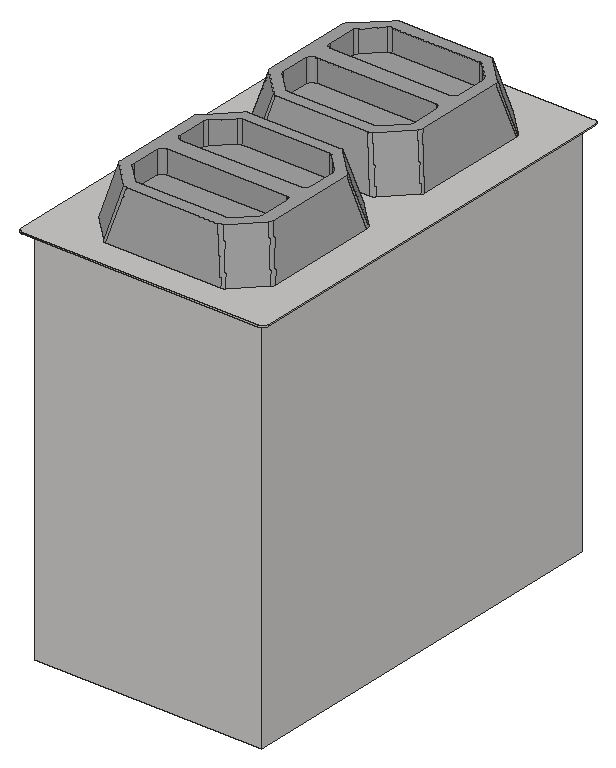
Revit family "QF_ELECTROLUXPROFESSIONAL_341158_D33H", category Attrezzature speciali, Revit 2020
Family settings
  Quota connettore circolare = Usa diametro
  Tipo di parte = Normale
  Basato su piano di lavoro = No
  Sempre verticale = Sì
  Taglio con vuoti quando caricato = No
  Condiviso = No
  Punto di calcolo locali = No
Parameters (values of type "Standard")
  Weight = 34.00 kg
  Watts = 1620 W
  Volts = 220 V
  URL Manufacturer = "https://www.electroluxprofessional.com/"
  URL = "https://www.electroluxprofessional.com/"
  Steam Supply Size = 0 mm
  Steam Supply Minimum Pressure = 0.0 Pa
  Steam Supply Maximum Pressure = 0.0 Pa
  Steam Consumption per Hour = 0
  Refrigeration Suction Line Size = 0 mm
  Refrigeration Liquid Line Size = 0 mm
  Refrigerant Compressor Remote = yes
  Prospetto di default = 0 mm
  Produttore = "Electrolux Professional"
  Phase = 1
  Modello = "D33H"
  Length Actual = 740 mm  # constant formula
  Item Number = "341158"
  Hot Water Size = 0 mm
  Height Actual = 700 mm  # constant formula
  HP = "2.2 HP"
  Gas Size = 0 mm
  Gas KW = 0
  Gas Input Pressure = 0 W
  Direct Waste Size = 0 mm
  Descrizione = "DROP-IN DOUBLE CYLINDERS PLATE DISPENSER HEATED, PLATE DIAMETER 180-300 MM"
  Depth Actual = 435 mm  # constant formula
  Cycle = 50 Hz
  Condensate Return Size = 0 mm
  Compressed Air Volume = 0.0 L/s
  Compressed Air Size = 0 mm
  Compressed Air Pressure = 0.0 Pa
  Cold Water Size = 0 mm
  Accessory = yes
Reference planes
  plane 1 "Back": y = 0
  plane 2: z = 0
  plane 3 "Left": x = 0
Forms (mm)
  Extrusion 1, solid, material "QF_Finishes_Stainless Steel"
    sketch origin (0, 0, 0) x (1, 0, 0) y (0, 1, 0)
      loop
        arc (10, 0) -> (2.929, -2.929) -> (0, -10) r 10
        line (0, -10) -> (0, -730)
        arc (0, -730) -> (2.929, -737.071) -> (10, -740) r 10
        line (10, -740) -> (425, -740)
        arc (425, -740) -> (432.071, -737.071) -> (435, -730) r 10
        line (435, -730) -> (435, -10)
        arc (435, -10) -> (432.071, -2.929) -> (425, 0) r 10
        line (425, 0) -> (10, 0)
    from 0 to 2
  Extrusion 2, solid, material "QF_Finishes_Stainless Steel"
    sketch origin (0, 0, -444.92) x (1, 0, 0) y (0, 1, 0)
      loop
        line (17.5, -17) -> (17.5, -723) -> (417.5, -723) -> (417.5, -17) -> (17.5, -17)
    from -232.08 to 444.92
  Blend 3, solid, material "QF_Finishes_Gray"
    base sketch origin (-16.132, 14.069, 0) x (1, 0, 0) y (0, 1, 0)
      loop
        line (385.703, -111.14) -> (341.561, -66.998)
        arc (341.561, -66.998) -> (338.317, -64.83) -> (334.49, -64.069) r 10
        line (334.49, -64.069) -> (132.774, -64.069)
        arc (132.774, -64.069) -> (128.947, -64.83) -> (125.703, -66.998) r 10
        line (125.703, -66.998) -> (81.561, -111.14)
        arc (81.561, -111.14) -> (79.393, -114.384) -> (78.632, -118.211) r 10
        line (78.632, -118.211) -> (78.632, -319.927)
        arc (78.632, -319.927) -> (79.393, -323.754) -> (81.561, -326.998) r 10
        line (81.561, -326.998) -> (125.703, -371.14)
        arc (125.703, -371.14) -> (128.947, -373.308) -> (132.774, -374.069) r 10
        line (132.774, -374.069) -> (334.49, -374.069)
        arc (334.49, -374.069) -> (338.317, -373.308) -> (341.561, -371.14) r 10
        line (341.561, -371.14) -> (385.703, -326.998)
        arc (385.703, -326.998) -> (387.871, -323.754) -> (388.632, -319.927) r 10
        line (388.632, -319.927) -> (388.632, -118.211)
        arc (388.632, -118.211) -> (387.871, -114.384) -> (385.703, -111.14) r 10
    top sketch origin (-16.132, 14.069, 0) x (1, 0, 0) y (0, 1, 0)
      loop
        arc (145.703, -351.14) -> (148.947, -353.308) -> (152.774, -354.069) r 10
        line (152.774, -354.069) -> (314.49, -354.069)
        arc (314.49, -354.069) -> (318.317, -353.308) -> (321.561, -351.14) r 10
        line (321.561, -351.14) -> (365.703, -306.998)
        arc (365.703, -306.998) -> (367.871, -303.754) -> (368.632, -299.927) r 10
        line (368.632, -299.927) -> (368.632, -138.211)
        arc (368.632, -138.211) -> (367.871, -134.384) -> (365.703, -131.14) r 10
        line (365.703, -131.14) -> (321.561, -86.998)
        arc (321.561, -86.998) -> (318.317, -84.83) -> (314.49, -84.069) r 10
        line (314.49, -84.069) -> (152.774, -84.069)
        arc (152.774, -84.069) -> (148.947, -84.83) -> (145.703, -86.998) r 10
        line (145.703, -86.998) -> (101.561, -131.14)
        arc (101.561, -131.14) -> (99.393, -134.384) -> (98.632, -138.211) r 10
        line (98.632, -138.211) -> (98.632, -299.927)
        arc (98.632, -299.927) -> (99.393, -303.754) -> (101.561, -306.998) r 10
        line (101.561, -306.998) -> (145.703, -351.14)
    from 2 to 87.238
  Blend 4, solid, material "QF_Finishes_Gray"
    base sketch origin (-16.132, -754.069, 0) x (1, 0, 0) y (0, 1, 0)
      loop
        arc (385.703, 111.14) -> (387.871, 114.384) -> (388.632, 118.211) r 10
        line (388.632, 118.211) -> (388.632, 319.927)
        arc (388.632, 319.927) -> (387.871, 323.754) -> (385.703, 326.998) r 10
        line (385.703, 326.998) -> (341.561, 371.14)
        arc (341.561, 371.14) -> (338.317, 373.308) -> (334.49, 374.069) r 10
        line (334.49, 374.069) -> (132.774, 374.069)
        arc (132.774, 374.069) -> (128.947, 373.308) -> (125.703, 371.14) r 10
        line (125.703, 371.14) -> (81.561, 326.998)
        arc (81.561, 326.998) -> (79.393, 323.754) -> (78.632, 319.927) r 10
        line (78.632, 319.927) -> (78.632, 118.211)
        arc (78.632, 118.211) -> (79.393, 114.384) -> (81.561, 111.14) r 10
        line (81.561, 111.14) -> (125.703, 66.998)
        arc (125.703, 66.998) -> (128.947, 64.83) -> (132.774, 64.069) r 10
        line (132.774, 64.069) -> (334.49, 64.069)
        arc (334.49, 64.069) -> (338.317, 64.83) -> (341.561, 66.998) r 10
        line (341.561, 66.998) -> (385.703, 111.14)
    top sketch origin (-16.132, -754.069, 0) x (1, 0, 0) y (0, 1, 0)
      loop
        line (145.703, 351.14) -> (101.561, 306.998)
        arc (101.561, 306.998) -> (99.393, 303.754) -> (98.632, 299.927) r 10
        line (98.632, 299.927) -> (98.632, 138.211)
        arc (98.632, 138.211) -> (99.393, 134.384) -> (101.561, 131.14) r 10
        line (101.561, 131.14) -> (145.703, 86.998)
        arc (145.703, 86.998) -> (148.947, 84.83) -> (152.774, 84.069) r 10
        line (152.774, 84.069) -> (314.49, 84.069)
        arc (314.49, 84.069) -> (318.317, 84.83) -> (321.561, 86.998) r 10
        line (321.561, 86.998) -> (365.703, 131.14)
        arc (365.703, 131.14) -> (367.871, 134.384) -> (368.632, 138.211) r 10
        line (368.632, 138.211) -> (368.632, 299.927)
        arc (368.632, 299.927) -> (367.871, 303.754) -> (365.703, 306.998) r 10
        line (365.703, 306.998) -> (321.561, 351.14)
        arc (321.561, 351.14) -> (318.317, 353.308) -> (314.49, 354.069) r 10
        line (314.49, 354.069) -> (152.774, 354.069)
        arc (152.774, 354.069) -> (148.947, 353.308) -> (145.703, 351.14) r 10
    from 2 to 87.238
  Extrusion 5, void
    sketch origin (0, 0, 47.238) x (1, 0, 0) y (0, 1, 0)
      loop
        arc (140.784, -90) -> (136.957, -90.761) -> (133.713, -92.929) r 10
        line (133.713, -92.929) -> (105.429, -121.213)
        arc (105.429, -121.213) -> (103.261, -124.457) -> (102.5, -128.284) r 10
        line (102.5, -128.284) -> (102.5, -179.142)
        arc (102.5, -179.142) -> (105.429, -186.213) -> (112.5, -189.142) r 10
        line (112.5, -189.142) -> (322.5, -189.142)
        arc (322.5, -189.142) -> (329.571, -186.213) -> (332.5, -179.142) r 10
        line (332.5, -179.142) -> (332.5, -128.284)
        arc (332.5, -128.284) -> (331.739, -124.457) -> (329.571, -121.213) r 10
        line (329.571, -121.213) -> (301.287, -92.929)
        arc (301.287, -92.929) -> (298.043, -90.761) -> (294.216, -90) r 10
        line (294.216, -90) -> (140.784, -90)
      loop
        line (140.784, -320) -> (294.216, -320)
        arc (294.216, -320) -> (298.043, -319.239) -> (301.287, -317.071) r 10
        line (301.287, -317.071) -> (329.571, -288.787)
        arc (329.571, -288.787) -> (331.739, -285.543) -> (332.5, -281.716) r 10
        line (332.5, -281.716) -> (332.5, -230.858)
        arc (332.5, -230.858) -> (329.571, -223.787) -> (322.5, -220.858) r 10
        line (322.5, -220.858) -> (112.5, -220.858)
        arc (112.5, -220.858) -> (105.429, -223.787) -> (102.5, -230.858) r 10
        line (102.5, -230.858) -> (102.5, -281.716)
        arc (102.5, -281.716) -> (103.261, -285.543) -> (105.429, -288.787) r 10
        line (105.429, -288.787) -> (133.713, -317.071)
        arc (133.713, -317.071) -> (136.957, -319.239) -> (140.784, -320) r 10
    from 0 to 40
  Extrusion 6, void
    sketch origin (0, -740, 47.238) x (1, 0, 0) y (0, 1, 0)
      loop
        line (140.784, 90) -> (294.216, 90)
        arc (294.216, 90) -> (298.043, 90.761) -> (301.287, 92.929) r 10
        line (301.287, 92.929) -> (329.571, 121.213)
        arc (329.571, 121.213) -> (331.739, 124.457) -> (332.5, 128.284) r 10
        line (332.5, 128.284) -> (332.5, 179.142)
        arc (332.5, 179.142) -> (329.571, 186.213) -> (322.5, 189.142) r 10
        line (322.5, 189.142) -> (112.5, 189.142)
        arc (112.5, 189.142) -> (105.429, 186.213) -> (102.5, 179.142) r 10
        line (102.5, 179.142) -> (102.5, 128.284)
        arc (102.5, 128.284) -> (103.261, 124.457) -> (105.429, 121.213) r 10
        line (105.429, 121.213) -> (133.713, 92.929)
        arc (133.713, 92.929) -> (136.957, 90.761) -> (140.784, 90) r 10
      loop
        arc (140.784, 320) -> (136.957, 319.239) -> (133.713, 317.071) r 10
        line (133.713, 317.071) -> (105.429, 288.787)
        arc (105.429, 288.787) -> (103.261, 285.543) -> (102.5, 281.716) r 10
        line (102.5, 281.716) -> (102.5, 230.858)
        arc (102.5, 230.858) -> (105.429, 223.787) -> (112.5, 220.858) r 10
        line (112.5, 220.858) -> (322.5, 220.858)
        arc (322.5, 220.858) -> (329.571, 223.787) -> (332.5, 230.858) r 10
        line (332.5, 230.858) -> (332.5, 281.716)
        arc (332.5, 281.716) -> (331.739, 285.543) -> (329.571, 288.787) r 10
        line (329.571, 288.787) -> (301.287, 317.071)
        arc (301.287, 317.071) -> (298.043, 319.239) -> (294.216, 320) r 10
        line (294.216, 320) -> (140.784, 320)
    from 0 to 40
Cuts and joins
  Extrusion 5, Extrusion 6 cuts Blend 3
  Extrusion 6 cuts Blend 4
Dimensions and locks
  equal spacing: Extrusion 1, Extrusion 2 sketch curve, Extrusion 2 sketch curve, Extrusion 1  (x2)
  Extrusion 1 to plane 1 "Back" = 740 mm
  plane 3 "Left" to Extrusion 1 = 435 mm
  Extrusion 2 to Extrusion 1 to Extrusion 1 = 677 mm, 2 mm
  aligned and locked: level to plane 2
